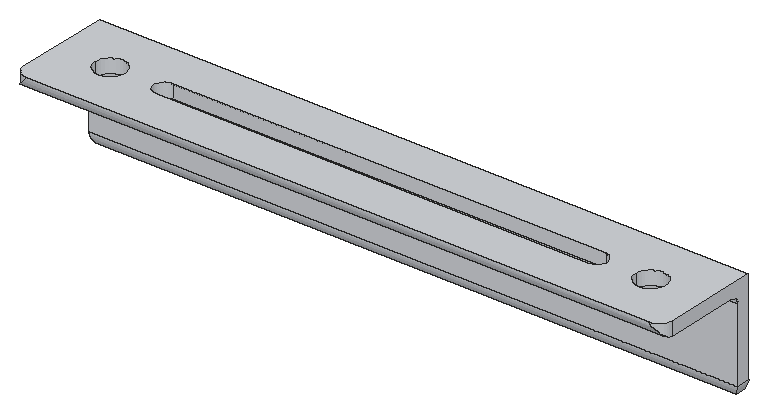
Revit family "RRSTDALU", category Generic Models, Revit 2018
Family settings
  Can host rebar = No
  Round Connector Dimension = Use Diameter
  Part Type = Normal
  Work Plane-Based = Yes
  Always vertical = No
  Cut with Voids When Loaded = No
  Shared = Yes
  Room Calculation Point = No
Parameters (values of type "RRSTDALU12")
  Ship Complete Level [instance] = ""
  Right Slot Offset = 4.000"
  Right Slot Length = 1.000"
  Required Date [instance] = ""
  Rack Width = 2.000"
  Rack Height = 2.000"
  Patent Information = "D599,194"
  Left Slot Length = 8.000"
  Rack Material = none
  Rack Length = 12.000"
  Job [instance] = ""
  Group/Run [instance] = ""
  Description = "Standard Angle Rack ALU 12 Inch long"
  Custom [instance] = ""
  Ctrl Right Offset [instance] = if([1 Slot], 4.000", Right Slot Offset)  # 4.000"
  Default Elevation = 48.000"
  Ctrl Right Slot Length [instance] = if([1 Slot], 1.000", Right Slot Length)  # 1.000"
  Ctrl Left Slot Length [instance] = if([1 Slot], 1.000", Left Slot Length)  # 1.000"
  Catalog Number = "RRSTDALU12"
  Assembly Name [instance] = ""
  Assembly ID [instance] = ""
  2 Slots = no
  1 Slot = yes
Types (6): name | Right Slot Offset | Right Slot Length | Patent Information | Left Slot Length | Rack Length | Description | Ctrl Right Offset | Ctrl Right Slot Length | Ctrl Left Slot Length | Catalog Number | 2 Slots | 1 Slot
  RRSTDALU36 | 19.000" | 15.000" | "D608,183" | 15.000" | 36.000" | "Standard Angle Rack ALU 36 Inch long" | 19.000" | 15.000" | 15.000" | "RRSTDALU36" | yes | no
  RRSTDALU48 | 25.000" | 21.000" | "D608,183" | 21.000" | 48.000" | "Standard Angle Rack ALU 48 Inch long\r\nStandard Angle Rack ALU 48 Inch long\r\nStandard Angle Rack ALU 48 Inch long" | 25.000" | 21.000" | 21.000" | "RRSTDALU48" | yes | no
  RRSTDALU12 | 4.000" | 1.000" | "D599,194" | 8.000" | 12.000" | "Standard Angle Rack ALU 12 Inch long" | 4.000" | 1.000" | 1.000" | "RRSTDALU12" | no | yes
  RRSTDALU18 | 4.000" | 1.000" | "D599,194" | 14.000" | 18.000" | "Standard Angle Rack ALU 18 Inch long" | 4.000" | 1.000" | 1.000" | "RRSTDALU18" | no | yes
  RRSTDALU24 | 4.000" | 1.000" | "D599,194" | 20.000" | 24.000" | "Standard Angle Rack ALU 24 Inch long" | 4.000" | 1.000" | 1.000" | "RRSTDALU24" | no | yes
  RRSTDALU30 | 4.000" | 1.000" | "D599,194" | 26.000" | 30.000" | "Standard Angle Rack ALU 30 Inch long" | 4.000" | 1.000" | 1.000" | "RRSTDALU30" | no | yes
Reference planes (in)
  plane 1 "Center (Front/Back)": y = 0
  plane 2: z = 0
  plane 3 "Center (Left/Right)": x = 0
  plane 4: y = 0
  plane 5 "Right": x = 6
  plane 6 "Left": x = -6
  plane 7 "Front": y = -1
  plane 8 "Bottom": z = -2
  plane 9 "Right Rod": x = 5
  plane 10 "Left Rod": x = -5
  plane 11 "Slot 1 Left": x = -4
  plane 12 "Slot 1 Right": x = 4
  plane 13 "Slot 2 Left": x = -2
  plane 14 "Slot 2 Right": x = -1
  plane 15 "Slot 1 Right2": x = -3
  plane 16 "Back": y = 1
Forms (in)
  Extrusion 1, solid, material <- "Rack Material", visible <- "2 Slots"
    sketch origin (0, 0, 0) x (0, 1, 0) y (0, 0, 1)
      loop
        line (1, -2) -> (1, 0) -> (-1, 0)
        arc (-1, 0) -> (-0.92678, -0.17678) -> (-0.75, -0.25) r 0.25
        line (-0.75, -0.25) -> (0.625, -0.25)
        arc (0.625, -0.25) -> (0.71339, -0.28661) -> (0.75, -0.375) r 0.125
        line (0.75, -0.375) -> (0.75, -1.75)
        arc (0.75, -1.75) -> (0.82322, -1.92678) -> (1, -2) r 0.25
    from -6 to 6
  Extrusion 2, void
    sketch origin (0, 0, 0) x (1, 0, 0) y (0, 1, 0)
      loop
        circle (-5, 0) r 0.2815
      loop
        circle (5, 0) r 0.2815
      loop
        circle (0, 0) r 0.2815
      loop
        line (-4, -0.193) -> (-3, -0.193)
        arc (-3, -0.193) -> (-2.807, 0) -> (-3, 0.193) r 0.193
        line (-3, 0.193) -> (-4, 0.193)
        arc (-4, 0.193) -> (-4.193, 0) -> (-4, -0.193) r 0.193
      loop
        line (-2, -0.193) -> (-1, -0.193)
        arc (-1, -0.193) -> (-0.807, 0) -> (-1, 0.193) r 0.193
        line (-1, 0.193) -> (-2, 0.193)
        arc (-2, 0.193) -> (-2.193, 0) -> (-2, -0.193) r 0.193
    from -0.5 to 0
  Extrusion 3, void
    sketch origin (0, 0, 0) x (1, 0, 0) y (0, 1, 0)
      loop
        arc (-5.75, -1) -> (-5.92678, -0.92678) -> (-6, -0.75) r 0.25
        line (-6, -0.75) -> (-6.125, -0.75) -> (-6.125, -1.125) -> (-5.75, -1.125) -> (-5.75, -1)
      loop
        line (5.75, -1) -> (5.75, -1.125) -> (6.125, -1.125) -> (6.125, -0.75) -> (6, -0.75)
        arc (6, -0.75) -> (5.92678, -0.92678) -> (5.75, -1) r 0.25
    from 0 to -0.5
  Extrusion 4, void
    sketch origin (0, 1, 0) x (1, 0, 0) y (0, 0, 1)
      loop
        line (-6, -1.75) -> (-6.125, -1.75) -> (-6.125, -2.125) -> (-5.75, -2.125) -> (-5.75, -2)
        arc (-5.75, -2) -> (-5.92678, -1.92678) -> (-6, -1.75) r 0.25
      loop
        arc (6, -1.75) -> (5.92678, -1.92678) -> (5.75, -2) r 0.25
        line (5.75, -2) -> (5.75, -2.125) -> (6.125, -2.125) -> (6.125, -1.75) -> (6, -1.75)
    from 0 to 0.5
  Extrusion 5, solid, material <- "Rack Material", visible <- "1 Slot"
    sketch origin (0, 0, 0) x (0, 1, 0) y (0, 0, 1)
      loop
        line (1, -2) -> (1, 0) -> (-1, 0)
        arc (-1, 0) -> (-0.92678, -0.17678) -> (-0.75, -0.25) r 0.25
        line (-0.75, -0.25) -> (0.625, -0.25)
        arc (0.625, -0.25) -> (0.71339, -0.28661) -> (0.75, -0.375) r 0.125
        line (0.75, -0.375) -> (0.75, -1.75)
        arc (0.75, -1.75) -> (0.82322, -1.92678) -> (1, -2) r 0.25
    from -6 to 6
  Extrusion 6, void
    sketch origin (0, 0, 0) x (1, 0, 0) y (0, 1, 0)
      loop
        circle (-5, 0) r 0.2815
      loop
        circle (5, 0) r 0.2815
      loop
        line (-4, -0.193) -> (4, -0.193)
        arc (4, -0.193) -> (4.193, 0) -> (4, 0.193) r 0.193
        line (4, 0.193) -> (-4, 0.193)
        arc (-4, 0.193) -> (-4.193, 0) -> (-4, -0.193) r 0.193
    from -0.5 to 0
Cuts and joins
  Extrusion 2, Extrusion 3, Extrusion 4, Extrusion 6 cuts Extrusion 1
  Extrusion 3, Extrusion 4, Extrusion 6 cuts Extrusion 5
Dimensions and locks (in)
  "Rack Length": plane 6 "Left" to plane 5 "Right"
  equal spacing: plane 6 "Left", plane 3 "Center (Left/Right)", plane 5 "Right"
  "Rack Height": plane 2 to plane 8 "Bottom"
  locked: plane 10 "Left Rod" to plane 6 "Left" at 1
  locked: plane 11 "Slot 1 Left" to plane 6 "Left" at 2
  locked: plane 5 "Right" to plane 9 "Right Rod" at 1
  "Ctrl Right Offset": plane 13 "Slot 2 Left" to plane 6 "Left"
  "Ctrl Left Slot Length": plane 15 "Slot 1 Right2" to plane 11 "Slot 1 Left"
  "Ctrl Right Slot Length": plane 14 "Slot 2 Right" to plane 13 "Slot 2 Left"
  "Left Slot Length": plane 12 "Slot 1 Right" to plane 11 "Slot 1 Left"
  locked: plane 8 "Bottom" to Extrusion 1 sketch curve at 0.25
  locked: Extrusion 1 sketch curve to plane 7 "Front" at 0.25
  locked: level to Extrusion 1 sketch curve at 0.25
  locked: Extrusion 3 sketch curve to plane 6 "Left" at 0.125
  locked: Extrusion 3 sketch curve to plane 7 "Front" at 0.125  (x2)
  locked: plane 7 "Front" to Extrusion 3 sketch curve at 0.25  (x2)
  locked: plane 6 "Left" to Extrusion 3 sketch curve at 0.25
  locked: plane 5 "Right" to Extrusion 3 sketch curve at 0.125
  locked: Extrusion 3 sketch curve to plane 5 "Right" at 0.25
  locked: Extrusion 4 sketch curve to plane 8 "Bottom" at 0.25  (x2)
  locked: plane 8 "Bottom" to Extrusion 4 sketch curve at 0.125  (x2)
  locked: plane 6 "Left" to Extrusion 4 sketch curve at 0.125
  locked: Extrusion 4 sketch curve to plane 6 "Left" at 0.25
  locked: plane 5 "Right" to Extrusion 4 sketch curve at 0.25
  locked: Extrusion 4 sketch curve to plane 5 "Right" at 0.125
  locked: level to Extrusion 5 sketch curve at 0.25
  locked: plane 8 "Bottom" to Extrusion 5 sketch curve at 0.25
  locked: Extrusion 5 sketch curve to plane 7 "Front" at 0.25
  equal spacing: plane 7 "Front", plane 1 "Center (Front/Back)", plane 16 "Back"
  "Rack Width": plane 7 "Front" to plane 16 "Back"
  locked: plane 16 "Back" to Extrusion 5 sketch curve at 0.25
  locked: plane 16 "Back" to cut or joined group of Extrusion 3, Extrusion 4, Extrusion 5, Extrusion 6 at 0.25
  aligned and locked: level to plane 2
  aligned and locked: level to Extrusion 1 sketch curve
  aligned and locked: Extrusion 1 to plane 6 "Left"
  aligned and locked: plane 5 "Right" to Extrusion 1
  aligned and locked: plane 10 "Left Rod" to Extrusion 2 sketch curve
  aligned and locked: plane 9 "Right Rod" to Extrusion 2 sketch curve
  aligned and locked: plane 3 "Center (Left/Right)" to Extrusion 2 sketch curve
  aligned and locked: plane 11 "Slot 1 Left" to Extrusion 2 sketch curve
  aligned and locked: plane 15 "Slot 1 Right2" to Extrusion 2 sketch curve
  aligned and locked: plane 13 "Slot 2 Left" to Extrusion 2 sketch curve
  aligned and locked: plane 14 "Slot 2 Right" to Extrusion 2 sketch curve
  aligned and locked: Extrusion 5 to plane 6 "Left"
  aligned and locked: plane 5 "Right" to Extrusion 5
  aligned and locked: plane 12 "Slot 1 Right" to Extrusion 6 sketch curve
  aligned and locked: plane 9 "Right Rod" to Extrusion 6 sketch curve
  aligned and locked: plane 10 "Left Rod" to Extrusion 6 sketch curve
  aligned and locked: Extrusion 5 sketch curve to level
  aligned and locked: level to Extrusion 5 sketch curve
  aligned and locked: plane 11 "Slot 1 Left" to Extrusion 6 sketch curve
  aligned and locked: plane 16 "Back" to Extrusion 5 sketch curve  (x2)
  aligned and locked: plane 1 "Center (Front/Back)" to Extrusion 6 sketch curve  (x4)
  aligned and locked: plane 16 "Back" to Extrusion 1 sketch curve  (x2)
  aligned and locked: plane 1 "Center (Front/Back)" to Extrusion 2 sketch curve  (x2)
Automatic sketch dimensions
  Extrusion 1 sketch curve to Extrusion 1 sketch curve = 0.125"
  Extrusion 2 sketch curve to Extrusion 2 sketch curve = 0.193"  (x2)
  Extrusion 3 sketch curve to plane 6 "Left" = 0.000"
  Extrusion 3 sketch curve to plane 5 "Right" = 0.000"
  Extrusion 5 sketch curve to Extrusion 5 sketch curve = 0.125"
  Extrusion 6 sketch curve to Extrusion 6 sketch curve = 0.193"
  Extrusion 2 sketch curve to plane 7 "Front" = 0.807"  (x2)
  Extrusion 2 sketch curve to Extrusion 2 sketch curve = 0.000"
  plane 8 "Bottom" to Extrusion 1 sketch curve = 0.000"
  Extrusion 4 sketch curve to plane 6 "Left" = 0.000"
  Extrusion 4 sketch curve to plane 5 "Right" = 0.000"
  radius of Extrusion 2 sketch curve = 0.2815"  (x3)
  radius of Extrusion 6 sketch curve = 0.2815"  (x2)
